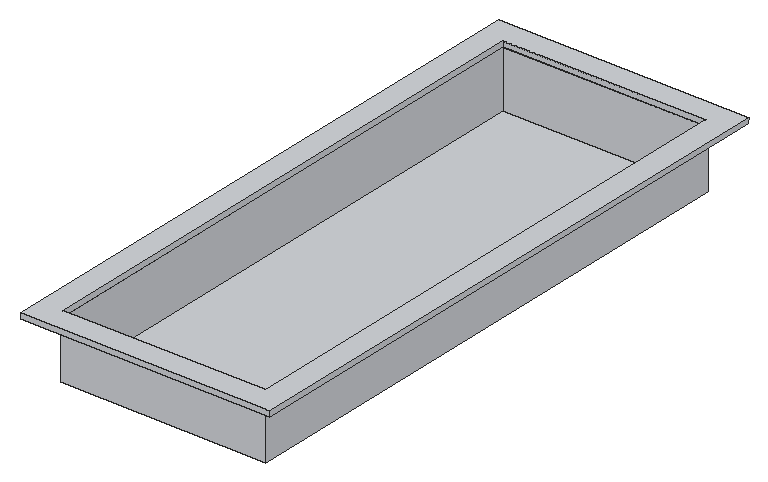
Revit family "Hager-VOLTA-Hollow_wall-Other-Without_Cover-Without_DIN-Hosted-PL-pl", category Electrical Equipment, host Face, Revit 2023
Family settings
  Host = Face
  Panel Configuration = Two Columns, Circuits Across
  Round Connector Dimension = Use Diameter
  Part Type = Panelboard
  Cut with Voids When Loaded = No
  Maintain Annotation Orientation = Yes
  Shared = No
  Room Calculation Point = No
Parameters (values of type "VOLTA-Hollow_wall_W348_H880_D98_12_Modular_Spacing-VH60NK")
  Width Control [instance] = if([HG000006-Flush mounted-pl], if([EF000846 - Szerokość wbudowania] > min_whd, [EF000846 - Szerokość wbudowania], min_whd), if([EF000008 - Szerokość] > min_whd, ([EF000008 - Szerokość]), min_whd))  # 314 mm
  Void Depth [instance] = if([HG000006-Flush mounted-pl], Depth Control, 1 mm)  # 90 mm
  Uniformat code = "D501001"
  Uniformat = "Low Tension Service & Dist."
  HGEF0002950-Szerokość wyrażona liczbą modułów = 12
  HGEF000266-Liczba rzędów = 5
  HG000131 - Functional label [instance] = ""
  HG000130 - Functional name [instance] = ""
  Type Comments = ""
  System Height [instance] = Height Control - 2 * [HG000005-Thickness-pl]  # 842 mm
  Reference description = ""
  Reference = "VOLTA-Hollow_wall_W348_H880_D98_12_Modular_Spacing-VH60NK"
  Object type = ""
  Name hager = "ADD_Enclosures_EC000214"
  Name BIM&CO = "Electricity"
  Name = "VOLTA-Hollow_wall-Other-Without_Cover-Without_DIN-PL"
  Model = ""
  HG000099-Onfly Template ID-pl-PL = "507532"
  HG000060-RAL-number = "9010"
  HG000059-Operating voltage-pl-PL [instance] = 230 V
  HG000017-Distance between poles-pl = 18 mm
  HG000016-Door 3D visibility-pl = yes
  HG000015-Clearance visibility-pl = yes
  HG000014-Door on the right-pl = yes
  HG000013-Door on the left-pl = no
  HG000012-Door swing angle-pl = 90.00°
  HG000011-Empty rows from bottom-pl = no
  HG000010-Asymmetric doors-pl = no
  HG000009-Double swing door-pl = no
  HG000008-Number of empty rows-pl = 0
  HG000007-Number of empty columns-pl = 0
  HG000006-Flush mounted-pl = yes
  HG000005-Thickness-pl = 2 mm
  HG000004-Manufacturer reference-pl = "VH60NK"
  HG000003-Range-pl = "VOLTA"
  HG000002-with door or cover-pl = no
  HG000001-Number of columns-pl = 0
  GTIN (Global Trade Item Number) = ""
  ETIM class name = "Small distribution board"
  ETIM class code = "EC000214"
  EF015941 - Drzwi przepuszczające sygnał = no
  EF015777 - Listwa zaciskowa przewodu neutralnego = no
  EF015776 - Listwa zaciskowa uziemienia = no
  EF009212 - Wykonanie/rodzaj pokrywy = ""
  EF006306 - Z zamkiem = no
  EF006244 - Transparentna pokrywa/drzwi = no
  EF005474 - Stopień ochrony (IP) = "Inne"
  EF004464 - Rodzaj drzwi = ""
  EF004462 - Rodzaj zamknięcia = "Inne"
  EF002950 - Szerokość wyrażona liczbą modułów = 12
  EF001596 - Materiał obudowy = ""
  EF001134 - Szyna DIN = no
  EF001131 - Głębokość wewnętrzna = 0 mm
  EF001088 - Możliwość rozbudowy = yes
  EF001062 - Wykonanie zgodne z Dyrektywą Kompatybilności Elektromagnetycznej EMC = no
  EF000846 - Szerokość wbudowania = 314 mm
  EF000339 - Rodzaj pokrywy = ""
  EF000332 - Wysokość wbudowania = 846 mm
  EF000266 - Liczba rzędów = 5
  EF000218 - Głębokość wbudowania = 90 mm
  EF000118 - Z płytą montażową = no
  EF000116 - Numer RAL = 9010
  EF000049 - Głębokość = 98 mm
  EF000040 - Wysokość = 880 mm
  EF000024 - Odporność na promieniowanie UV = no
  EF000008 - Szerokość = 348 mm
  EF000007 - Kolor = "Biały"
  EF000003 - Sposób montażu = "Do ścian pustych"
  Creation Date = "12/15/2025 21:47:46"
  Code hager = "ADD-EC000214_EU"
  BIM&CO code = ""
  BC_VARIANT_ID = "1174402"
  BC_OBJECT_VERSION = "#5"  # constant formula
  BC_OBJECT_ID = "513500"  # constant formula
  BC_MODEL_ID = "1547255"  # constant formula
  Arrow Offset [instance] = Depth Control / 8  # 11.25 mm
  Arrow Height [instance] = Depth Control - Arrow Offset  # 78.75 mm
  Host Offset [instance] = if([HG000006-Flush mounted-pl], 0 mm, [EF000049 - Głębokość])  # 0 mm
  min_whd [instance] = (2 * [HG000005-Thickness-pl]) + 1 mm  # 5 mm
  Manufacturer = "Hager"  # constant formula
  Height Control [instance] = if([HG000006-Flush mounted-pl], if([EF000332 - Wysokość wbudowania] > min_whd, [EF000332 - Wysokość wbudowania], min_whd), if([EF000040 - Wysokość] > min_whd, ([EF000040 - Wysokość]), min_whd))  # 846 mm
  Flush Mounted - Door Frame Width [instance] = if(([EF000040 - Wysokość] - [EF000332 - Wysokość wbudowania]) > 0 mm, if([HG000006-Flush mounted-pl], [EF000040 - Wysokość] - [EF000332 - Wysokość wbudowania], 0 mm), 0 mm)  # 34 mm
  Depth Control [instance] = if([HG000006-Flush mounted-pl], if([EF000218 - Głębokość wbudowania] > 0 mm, [EF000218 - Głębokość wbudowania], 1 mm), if([EF000049 - Głębokość] > 0 mm, ([EF000049 - Głębokość]), 1 mm))  # 90 mm
  Default Elevation = 0 mm
Types (5, lengths in mm): name | HGEF000266-Liczba rzędów | System Height | Reference | HG000004-Manufacturer reference-pl | EF009212 - Wykonanie/rodzaj pokrywy | EF004462 - Rodzaj zamknięcia | EF001062 - Wykonanie zgodne z Dyrektywą Kompatybilności Elektromagnetycznej EMC | EF000332 - Wysokość wbudowania | EF000266 - Liczba rzędów | EF000049 - Głębokość | EF000040 - Wysokość | EF000008 - Szerokość | BC_VARIANT_ID | Height Control | Flush Mounted - Door Frame Width
  VOLTA-Hollow_wall_W330_H355_D94_12_Modular_Spacing-VH12NK | 1 | 342 | "VOLTA-Hollow_wall_W330_H355_D94_12_Modular_Spacing-VH12NK" | "VH12NK" | "Zamknięty" | "" | yes | 346 | 1 | 94 | 355 | 330 | "1174398" | 346 | 9
  VOLTA-Hollow_wall_W348_H505_D98_12_Modular_Spacing-VH24NK | 2 | 467 | "VOLTA-Hollow_wall_W348_H505_D98_12_Modular_Spacing-VH24NK" | "VH24NK" | "" | "Inne" | no | 471 | 2 | 98 | 505 | 348 | "1174399" | 471 | 34
  VOLTA-Hollow_wall_W348_H630_D98_12_Modular_Spacing-VH36NK | 3 | 592 | "VOLTA-Hollow_wall_W348_H630_D98_12_Modular_Spacing-VH36NK" | "VH36NK" | "" | "Inne" | no | 596 | 3 | 98 | 630 | 348 | "1174400" | 596 | 34
  VOLTA-Hollow_wall_W348_H755_D98_12_Modular_Spacing-VH48NK | 4 | 717 | "VOLTA-Hollow_wall_W348_H755_D98_12_Modular_Spacing-VH48NK" | "VH48NK" | "" | "Inne" | no | 721 | 4 | 98 | 755 | 348 | "1174401" | 721 | 34
  VOLTA-Hollow_wall_W348_H880_D98_12_Modular_Spacing-VH60NK | 5 | 842 | "VOLTA-Hollow_wall_W348_H880_D98_12_Modular_Spacing-VH60NK" | "VH60NK" | "" | "Inne" | no | 846 | 5 | 98 | 880 | 348 | "1174402" | 846 | 34
Reference planes
  plane 1 "Center (Front/Back)": y = 0
  plane 2: z = 0
  plane 3 "Center (Left/Right)": x = 0
  plane 4: z = 0
  plane 5: y = 36
  plane 6: z = -5
  plane 7: y = 457
  plane 8: y = 34
  plane 9: y = 880
  plane 10: z = -90
  plane 11: x = -157
  plane 12: x = 157
  plane 13: x = 155
  plane 14: x = -155
  plane 15: y = 878
  plane 16: z = -88
  plane 17: z = -2
  plane 18: z = -90
  plane 19: z = -2
  plane 20 "Annotation H": y = -100
  plane 21 "Annotation V": x = 457
Forms (mm)
  Extrusion 1, solid
    sketch origin (-583.045, 34, 1219.2) x (-1, 0, 0) y (0, 0, 1)
      loop
        line (-426.045, -1219.2) -> (-740.045, -1219.2) -> (-740.045, -1309.2) -> (-426.045, -1309.2) -> (-426.045, -1219.2)
    from 0 to 846 <- "Height Control"
  Extrusion 2, void
    sketch origin (-381.607, -4572, 0) x (0, -1, 0) y (-1, 0, 0)
      loop
        line (-5450, -226.607) -> (-5450, -536.607) -> (-4608, -536.607) -> (-4608, -226.607) -> (-5450, -226.607)
    from 0 to 88
  Extrusion 3, void
    sketch origin (0, 0, 0) x (1, 0, 0) y (0, 1, 0)
      loop
        line (-157, 34) -> (157, 34) -> (157, 880) -> (-157, 880) -> (-157, 34)
    from -90 to 1
  Extrusion 4, solid, detail levels coarse+medium
    sketch origin (-381.607, -4572, 0) x (-1, 0, 0) y (0, -1, 0)
      loop
        line (-226.607, -5450) -> (-226.607, -4608) -> (-536.607, -4608) -> (-536.607, -5450) -> (-226.607, -5450)
    from 0 to -2
Cuts and joins
  Extrusion 2 cuts Extrusion 1
Dimensions and locks
  plane 4 to plane 6 = 5 mm
  "Host Offset": plane 4 to host face
  "Flush Mounted - Door Frame Width": plane 1 "Center (Front/Back)" to plane 8
  "HG000005-Thickness-pl": plane 5 to plane 8
  locked: connector elem to plane 3 "Center (Left/Right)"
  "Height Control": plane 9 to plane 8
  equal spacing: plane 9, plane 7, plane 8
  locked: connector elem to plane 7
  "Depth Control": plane 4 to plane 10
  "HG000005-Thickness-pl": plane 11 to plane 14
  "HG000005-Thickness-pl": plane 12 to plane 13
  equal spacing: plane 11, plane 3 "Center (Left/Right)", plane 12
  "Width Control": plane 11 to plane 12
  "Arrow Offset": nested 4 to plane 10
  "HG000005-Thickness-pl": plane 9 to plane 15
  "HG000005-Thickness-pl": plane 16 to plane 10
  "HG000005-Thickness-pl": plane 4 to plane 17
  "Void Depth": plane 2 to plane 18
  "HG000005-Thickness-pl": plane 4 to plane 19
  locked: plane 20 "Annotation H" to plane 1 "Center (Front/Back)" at 100
  locked: plane 12 to plane 21 "Annotation V" at 300
  aligned and locked: plane 2 to host face
  aligned and locked: level to host face
  aligned and locked: plane 3 "Center (Left/Right)" to nested 2
  aligned and locked: plane 4 to nested 2
  aligned and locked: nested 2 to plane 8
  aligned and locked: nested 1 to plane 6
  aligned and locked: plane 5 to nested 1
  aligned and locked: nested 4 to plane 11
  aligned and locked: nested 3 to plane 4
  aligned and locked: Extrusion 1 sketch curve to plane 12
  aligned and locked: Extrusion 1 sketch curve to plane 11
  aligned and locked: nested 3 to plane 10
  aligned and locked: plane 10 to Extrusion 1 sketch curve
  aligned and locked: plane 5 to Extrusion 2 sketch curve
  aligned and locked: Extrusion 2 sketch curve to plane 15
  aligned and locked: Extrusion 2 sketch curve to plane 14
  aligned and locked: Extrusion 2 sketch curve to plane 13
  aligned and locked: plane 11 to Extrusion 3 sketch curve
  aligned and locked: plane 9 to Extrusion 3 sketch curve
  aligned and locked: Extrusion 3 sketch curve to plane 8
  aligned and locked: plane 12 to Extrusion 3 sketch curve
  aligned and locked: nested 3 to plane 12
  aligned and locked: Extrusion 3 to plane 18
  aligned and locked: Extrusion 2 to plane 16
  aligned and locked: Extrusion 1 sketch curve to plane 4
  aligned and locked: Extrusion 4 to plane 17
  aligned and locked: Extrusion 4 sketch curve to plane 15
  aligned and locked: Extrusion 4 sketch curve to plane 13
  aligned and locked: Extrusion 4 sketch curve to plane 14
  aligned and locked: plane 5 to Extrusion 4 sketch curve
  aligned and locked: nested 5 to plane 21 "Annotation V"
  aligned and locked: plane 20 "Annotation H" to nested 5
Automatic sketch dimensions
  host sketch curve to host sketch curve = 1469.727 mm
  host sketch curve to host sketch curve = 1434.803 mm
Nested families
  nested 1: "Hager_Enclosure_System" at (0, 36, -5) x (1, 0, 0) z (0, 1, 0), Height <- "System Height", Width_Control <- "Width Control", Built-in_Width <- "EF000846 - Szerokość wbudowania", Width <- "EF000008 - Szerokość", Depth <- "HG000005-Thickness-pl", Border <- "HG000005-Thickness-pl", Distance_Between_Poles <- "HG000017-Distance between poles-pl", Flush_Mounted <- "HG000006-Flush mounted-pl", Empty_Columns <- "HG000007-Number of empty columns-pl", Total_No_Empty_Rows <- "HG000008-Number of empty rows-pl", Empty_Rows_From_Bottom <- "HG000011-Empty rows from bottom-pl", Columns_Count <- "HG000001-Number of columns-pl", Rows_Count <- "HGEF000266-Liczba rzędów", Row_Module_Multiplicator <- "HGEF0002950-Szerokość wyrażona liczbą modułów", type "Hager_Enclosure_System", detail levels fine
    with Width_Control 314 mm, Width 348 mm, Total_No_Rows 5, Total_No_Empty_Rows 0, Total_No_Columns 1, System_Width 310 mm, Rows_Count 5, Rows_Column 5, Row_Module_Multiplicator 12, Panel_4 no, Panel_3 no, Panel_2 no, Panel_1 no, No_Panels_Ctrl 1, Hide_Columns yes, Height 842 mm, Flush_Mounted yes, Empty_Rows_From_Bottom no, Empty_Rows_Column 0, Empty_Columns 0, Empty column 4 0, Empty column 3 0, Empty column 2 0, Empty column 1 0, Distance_Between_Poles 18 mm, Depth 2 mm, Columns_Count 0, Column_Width 310 mm, Built-in_Width 314 mm, Border 2 mm
  nested 2: "Hager_Enclosure_Door" at (0, 34, 0) x (1, 0, 0) z (0, 1, 0), Height_Ctrl <- "Height Control", Width_Ctrl <- "Width Control", BuiltIn_Depth <- "EF000218 - Głębokość wbudowania", Depth <- "EF000049 - Głębokość", BuiltIn_Width <- "EF000846 - Szerokość wbudowania", Height <- "EF000040 - Wysokość", BuiltIn_Height <- "EF000332 - Wysokość wbudowania", Width <- "EF000008 - Szerokość", Transparent <- "EF006244 - Transparentna pokrywa/drzwi", Border <- "HG000005-Thickness-pl", Door <- "HG000002-with door or cover-pl", Flush_Mounted <- "HG000006-Flush mounted-pl", Double <- "HG000009-Double swing door-pl", Assymetrical <- "HG000010-Asymmetric doors-pl", Angle <- "HG000012-Door swing angle-pl", Door_Left <- "HG000013-Door on the left-pl", Door_Right <- "HG000014-Door on the right-pl", Clearance <- "HG000015-Clearance visibility-pl", 3d_Door <- "HG000016-Door 3D visibility-pl", type "Hager_Enclosure_Door", detail levels medium+fine
    with min_wh 5 mm, Width_Ctrl 314 mm, Width 348 mm, Transparent_Door_No_Bottom_Border no, Transparent no, Leaf_Width 307 mm, Leaf_Tolerance 1.5 mm, Leaf_Height 839 mm, Leaf_2_Width 307 mm, Leaf_2_Offset 153.5 mm, Leaf_1_Width 307 mm, Leaf_1_Offset 153.5 mm, Height_Ctrl 846 mm, Height 880 mm, Frame_Width_Ctrl 34 mm, Frame_Width 34 mm, Frame_Internal_Offset 2 mm, Frame_Height_Ctrl 34 mm, Frame_Height 34 mm, Frame_Depth_Ctrl 8 mm, Frame_Depth 8 mm, Flush_Mounted yes, Double_Clearance_Ctrl no, Double no, Door_Right_Ctrl no, Door_Right yes, Door_Left_Ctrl no, Door_Left no, Door no, Depth 98 mm, Clearance_Depth 307 mm, Clearance_Ctrl yes, Clearance yes, BuiltIn_Width 314 mm, BuiltIn_Height 846 mm, BuiltIn_Depth 90 mm, Border 2 mm, Assymetrical no, Angle 90.00°, 3d_Door yes
  nested 3: "Hager_Enclosure_Symbol_Triangle" at (-157, 0, -90) x (1, 0, 0) z (0, -1, 0), Depth <- "Depth Control", Width <- "Width Control", type "Hager_Enclosure_Symbol_Triangle"
    with Width_Ctrl 314 mm, Width 314 mm, Depth_Ctrl 90 mm, Depth 90 mm
  nested 4: "Hager_Enclosure_Symbol_Arrow" at (-157, 0, -78.75) x (1, 0, 0) z (0, -1, 0), Height <- "Arrow Height", type "Hager_Enclosure_Symbol_Arrow"
    with Width_Inside 5.906 mm, Width 70.875 mm, Height_Ctrl 78.75 mm, Height 78.75 mm
  nested 5: "Hager_Annotation-HG000130" at (457, -100, 0) x (-1, 0, 0) z (0, 0, 1), HG000130 - Functional name <- "HG000130 - Functional name", type "Hager_Annotation-HG000130"
    with HG000130 - Functional name ""
Connectors
  electrical at (0, 457, -90)
    settings: on plane 10, index 1, voltage 0 V, apparent load 0 VA, apparent load phase1 0 VA, apparent load phase2 0 VA, apparent load phase3 0 VA, power factor 1, load classification "Other", number of poles 1, system type 30, power factor state 1, is connector primary yes, connector utility no, sub classification motor no, connector description ""
Definition of nested family "Hager_Enclosure_Door"
  Parameters (values of type "Hager_Enclosure_Door")
    min_wh [instance] = (2 * Border) + 1 mm  # 11 mm
    Width_Ctrl [instance] = 400 mm
    Width [instance] = 500 mm
    Transparent_Door_No_Bottom_Border [instance] = no
    Transparent [instance] = yes
    Leaf_Width [instance] = if((Width_Ctrl - 2 * Border - 2 * Leaf_Tolerance) > 0 mm, (Width_Ctrl - 2 * Border - 2 * Leaf_Tolerance), min_wh)  # 387 mm
    Leaf_Tolerance [instance] = 1.5 mm  # constant formula
    Leaf_Height [instance] = if((Height_Ctrl - 2 * Border - 2 * Leaf_Tolerance) > 0 mm, (Height_Ctrl - 2 * Border - 2 * Leaf_Tolerance), min_wh)  # 387 mm
    Leaf_2_Width [instance] = if(and(and(Double, Assymetrical), Door_Left), (Leaf_Width / 3) - (Leaf_Tolerance / 2), if(and(and(Double, Assymetrical), Door_Right), (Leaf_Width / 3) * 2 - (Leaf_Tolerance / 2), if(and(Double, not(Assymetrical)), (Leaf_Width / 2) - Leaf_Tolerance, Leaf_Width)))  # 387 mm
    Leaf_2_Offset [instance] = if(and(Double, Assymetrical), Leaf_2_Width / 2, if(and(Double, not(Assymetrical)), Leaf_Width / 4, Leaf_Width / 2))  # 193.5 mm
    Leaf_1_Width [instance] = if(and(and(Double, Assymetrical), Door_Right), (Leaf_Width / 3) - (Leaf_Tolerance / 2), if(and(and(Double, Assymetrical), Door_Left), (Width / 3) * 2 - (Leaf_Tolerance / 2), if(and(Double, not(Assymetrical)), (Leaf_Width / 2) - Leaf_Tolerance, Leaf_Width)))  # 387 mm
    Leaf_1_Offset [instance] = if(and(Double, Assymetrical), Leaf_1_Width / 2, if(and(Double, not(Assymetrical)), Leaf_Width / 4, Leaf_Width / 2))  # 193.5 mm
    Height_Ctrl [instance] = 400 mm
    Height [instance] = 500 mm
    Frame_Width_Ctrl [instance] = if(Frame_Width > 0 mm, Frame_Width, 1 mm)  # 1 mm
    Frame_Width [instance] = Width - BuiltIn_Width  # 0 mm
    Frame_Internal_Offset [instance] = if(Flush_Mounted, Border, 0 mm)  # 5 mm
    Frame_Height_Ctrl [instance] = if(Frame_Height > 0 mm, Frame_Height, 1 mm)  # 1 mm
    Frame_Height [instance] = Height - BuiltIn_Height  # 0 mm
    Frame_Depth_Ctrl [instance] = if(Frame_Depth > 0 mm, Frame_Depth, 1 mm)  # 1 mm
    Frame_Depth [instance] = if(Depth - BuiltIn_Depth > 0 mm, if(Flush_Mounted, Depth - BuiltIn_Depth, 0 mm), 0 mm)  # 0 mm
    Flush_Mounted [instance] = yes
    Double_Clearance_Ctrl [instance] = and(Double, Clearance)  # no
    Double [instance] = no
    Door_Right_Ctrl [instance] = and(or(Door_Right, Double), Door)  # yes
    Door_Right [instance] = yes
    Door_Left_Ctrl [instance] = and(or(Door_Left, Double), Door)  # no
    Door_Left [instance] = no
    Door [instance] = yes
    Depth [instance] = 500 mm
    Default Elevation = 1219.2 mm
    Clearance_Material = none
    Clearance_Depth [instance] = if(Leaf_1_Width > Leaf_2_Width, Leaf_1_Width, Leaf_2_Width)  # 387 mm
    Clearance_Ctrl [instance] = and(not(Double), Clearance)  # yes
    Clearance [instance] = yes
    BuiltIn_Width [instance] = 500 mm
    BuiltIn_Height [instance] = 500 mm
    BuiltIn_Depth [instance] = 500 mm
    Border [instance] = 5 mm
    Assymetrical [instance] = yes
    Angle [instance] = 30.00°
    3d_Door [instance] = yes
  Reference planes
    plane 1 "Center (Front/Back)": y = 0
    plane 2 "Bottom": z = 0
    plane 3 "Center (Left/Right)": x = 0
    plane 4: z = 400
    plane 5: x = -200
    plane 6: x = 200
    plane 7: z = 395
    plane 8: x = -195
    plane 9: z = 5
    plane 10: x = 195
    plane 11: y = 0
    plane 12: z = 6.5
    plane 13: x = -582
    plane 14: y = -387
    plane 15: x = 582
    plane 16: x = 0
    plane 17: x = 0
    plane 18: x = -193.5
    plane 19: x = 193.5
    plane 20: z = 393.5
  Forms (mm)
    Extrusion 1, solid, visible <- "Flush_Mounted"
      sketch origin (0, 0, 0) x (1, 0, 0) y (0, 0, 1)
        loop
          line (195, 5) -> (195, 395) -> (-195, 395) -> (-195, 5) -> (195, 5)
        loop
          line (-201, 401) -> (-201, -1) -> (201, -1) -> (201, 401) -> (-201, 401)
      from 0 to 1 <- "Frame_Depth_Ctrl"
    Extrusion 2, solid, material <- "Clearance_Material", visible <- "Double_Clearance_Ctrl"
      sketch origin (1200, 0, 0) x (1, 0, 0) y (0, 0, -1)
        loop
          line (-1782, -393.5) -> (-618, -393.5) -> (-618, 0) -> (-1782, 0) -> (-1782, -393.5)
      from 0 to -387
  Dimensions and locks
    equal spacing: plane 5, plane 3 "Center (Left/Right)", plane 6
    "Width_Ctrl": plane 5 to plane 6
    "Border": plane 5 to plane 8
    "Border": plane 6 to plane 10
    "Border": plane 9 to level
    "Border": plane 4 to plane 7
    "Height_Ctrl": plane 4 to level
    "Leaf_Tolerance": plane 12 to plane 9
    "Frame_Depth": plane 11 to plane 1 "Center (Front/Back)"
    "Frame_Width_Ctrl": plane 5 to Extrusion 1 sketch curve
    "Frame_Width_Ctrl": plane 6 to Extrusion 1 sketch curve
    "Frame_Width_Ctrl": Extrusion 1 sketch curve to plane 4
    "Frame_Width_Ctrl": plane 2 "Bottom" to Extrusion 1 sketch curve
    "Leaf_1_Offset": plane 18 to plane 16
    "Leaf_2_Offset": plane 17 to plane 19
    "Leaf_1_Width": plane 13 to plane 8
    "Leaf_2_Width": plane 10 to plane 15
    "Clearance_Depth": plane 14 to plane 1 "Center (Front/Back)"
    "Leaf_Tolerance": plane 8 to plane 18
    "Leaf_Tolerance": plane 19 to plane 10
    "Leaf_Tolerance": plane 7 to plane 20
    "Frame_Internal_Offset": plane 5 to Extrusion 1 sketch curve
    "Frame_Internal_Offset": Extrusion 1 sketch curve to plane 2 "Bottom"
    "Frame_Internal_Offset": plane 6 to Extrusion 1 sketch curve
    "Frame_Internal_Offset": plane 4 to Extrusion 1 sketch curve
    aligned and locked: level to plane 2 "Bottom"
    aligned and locked: nested 1 to plane 16
    aligned and locked: nested 2 to plane 17
    aligned and locked: Extrusion 2 to plane 13
    aligned and locked: plane 15 to Extrusion 2
    aligned and locked: Extrusion 2 to plane 14
    aligned and locked: plane 12 to nested 1
    aligned and locked: nested 2 to plane 12
    aligned and locked: Extrusion 2 to plane 11
    aligned and locked: plane 20 to Extrusion 2
    aligned and locked: nested 2 to plane 11
    aligned and locked: nested 1 to plane 11
  Automatic sketch dimensions
    Extrusion 2 sketch curve to level = 0 mm
    plane 5 to Extrusion 2 sketch curve = 382 mm
    plane 6 to Extrusion 2 sketch curve = 382 mm
    Extrusion 2 sketch curve to plane 4 = 6.5 mm
  Nested families
    nested 1: "Hager_Enclosure_Door_Leaf" at (0, 0, 6.5), Width <- "Leaf_1_Width", visible <- "Door_Left_Ctrl", Leaf_Height <- "Leaf_Height", Angle <- "Angle", Depth <- "Border", 3d_Door <- "3d_Door", Transparent <- "Transparent", Clearance Material <- "Clearance_Material", Clearance <- "Clearance_Ctrl", Transparent_Door_No_Bottom_Border <- "Transparent_Door_No_Bottom_Border", type "Hager_Enclosure_Door_Leaf"
      with Width 387 mm, Transparent_Door_No_Bottom_Border no, Transparent_Door_Border_Bottom_Top 25 mm, Transparent_Door_Border 25 mm, Transparent_Ctrl yes, Transparent yes, Standard no, Leaf_Height 387 mm, Glass_Offset 1 mm, Depth 5 mm, Clearance Material none, Clearance yes, Angle_Ctrl 30.00°, Angle 30.00°, 3d_Door yes
    nested 2: "Hager_Enclosure_Door_Leaf" at (0, 0, 6.5) x (-1, 0, 0) z (0, 0, 1), Width <- "Leaf_2_Width", visible <- "Door_Right_Ctrl", Leaf_Height <- "Leaf_Height", Angle <- "Angle", Depth <- "Border", 3d_Door <- "3d_Door", Transparent <- "Transparent", Clearance Material <- "Clearance_Material", Clearance <- "Clearance_Ctrl", Transparent_Door_No_Bottom_Border <- "Transparent_Door_No_Bottom_Border", type "Hager_Enclosure_Door_Leaf"
      with Width 387 mm, Transparent_Door_No_Bottom_Border no, Transparent_Door_Border_Bottom_Top 25 mm, Transparent_Door_Border 25 mm, Transparent_Ctrl yes, Transparent yes, Standard no, Leaf_Height 387 mm, Glass_Offset 1 mm, Depth 5 mm, Clearance Material none, Clearance yes, Angle_Ctrl 30.00°, Angle 30.00°, 3d_Door yes
  Definition of nested family "Hager_Enclosure_Door_Leaf"
    Parameters (values of type "Hager_Enclosure_Door_Leaf")
      Width [instance] = 2000 mm
      Transparent_Door_No_Bottom_Border [instance] = yes
      Transparent_Door_Border_Bottom_Top [instance] = if(Transparent_Door_No_Bottom_Border, 0.1 mm, Transparent_Door_Border)  # 0.1 mm
      Transparent_Door_Border [instance] = if(Transparent_Door_No_Bottom_Border, (Width * 0.12), 25 mm)  # 240 mm
      Transparent_Ctrl [instance] = and(Transparent, [3d_Door])  # yes
      Transparent [instance] = yes
      Standard [instance] = and(not(Transparent), [3d_Door])  # no
      Leaf_Height [instance] = 2720.336 mm
      Glass_Offset [instance] = if((Depth - 10 mm) / 2 > 0 mm, (Depth - 10 mm) / 2, 1 mm)  # 15 mm
      Glass_Material = none
      Depth [instance] = 40 mm
      Default Elevation = 0 mm
      Clearance Material [instance] = none
      Clearance [instance] = yes
      Angle_Ctrl [instance] = if(Angle > 170.00°, 170.00°, Angle)  # 45.00°
      Angle [instance] = 45.00°
      3d_Door [instance] = yes
    Reference planes
      plane 1 "Center (Front/Back)": y = 0
      plane 2: z = 0
      plane 3 "Center (Left/Right)": x = 0
      plane 4: y = 2000
      plane 5: x = -1000
      plane 6: x = 1000
      plane 7: x = -3000
      plane 8: z = 2720.336
      plane 9: z = 0.1
      plane 10: z = 2720.236
      plane 11: x = 760
      plane 12: x = -760
    Forms (mm)
      Extrusion 1, solid, material <- "Clearance Material", visible <- "Clearance"
        sketch origin (0, 0, 0) x (1, 0, 0) y (0, 0, 1)
          loop
            line (-3000, 2720.336) -> (-3000, 0) -> (1000, 0) -> (1000, 2720.336) -> (-3000, 2720.336)
        from 0 to -2000
      Extrusion 2, solid, visible <- "Standard", detail levels medium+fine
        sketch origin (-1000, 0, 0) x (0.707107, 0.707107, 0) y (-0.707107, 0.707107, 0)
          loop
            line (0, -40) -> (2000, -40) -> (2000, 0) -> (0, 0) -> (0, -40)
        from 0 to 2720.336 <- "Leaf_Height"
      Extrusion 3, solid, visible <- "Transparent_Ctrl", detail levels medium+fine
        sketch origin (-1000, 0, 0) x (0.707107, 0.707107, 0) y (-0.707107, 0.707107, 0)
          loop
            line (0, -40) -> (2000, -40) -> (2000, 0) -> (0, 0) -> (0, -40)
        from 0 to 2720.336 <- "Leaf_Height"
      Extrusion 4, void, detail levels medium+fine
        sketch origin (-1000, 0, 0) x (-0.707107, 0.707107, 0) y (0.707107, 0.707107, 0)
          loop
            line (0, 240) -> (0, 1760) -> (-40, 1760) -> (-40, 240) -> (0, 240)
        from -2720.236 to -0.1
      Extrusion 5, solid, material <- "Glass_Material", visible <- "Transparent_Ctrl", detail levels medium+fine
        sketch origin (-1000, 0, 0) x (0.707107, 0.707107, 0) y (-0.707107, 0.707107, 0)
          loop
            line (240, -15) -> (240, -25) -> (1760, -25) -> (1760, -15) -> (240, -15)
        from 0.1 to 2720.236
    Cuts and joins
      Extrusion 4 cuts Extrusion 3
    Lines and regions (mm)
      symbolic lines
        curve 1: line (1000, 0, 0) -> (-3000, 0, 0)
        curve 2: arc (1000, 0, 0) -> (-1000, 2000, 0) -> (-3000, 0, 0) r 2000
        curve 4: line (-1000, 0, 0) -> (414.214, 1414.214, 0)
      reference lines
        curve 3: line (-1000, 0, 0) -> (414.214, 1414.214, 0)
      symbolic lines, detail levels medium+fine
        curve 5: line (414.214, 1414.214, 0) -> (442.498, 1385.929, 0)
        curve 6: line (442.498, 1385.929, 0) -> (-971.716, -28.284, 0)
        curve 7: line (-971.716, -28.284, 0) -> (-1000, 0, 0)
        curve 8: line (-1000, 0, 2720.336) -> (1000, 0, 2720.336)
        curve 9: line (-1000, 0, 0) -> (-1000, 0, 2720.336)
        curve 10: line (1000, 0, 0) -> (-1000, 0, 0)
        curve 11: line (1000, 0, 2720.336) -> (1000, 0, 0)
      symbolic lines, visible <- "Transparent_Ctrl", detail levels medium+fine
        curve 12: line (-760, 0, 2720.236) -> (760, 0, 2720.236)
        curve 13: line (-760, 0, 0.1) -> (-760, 0, 2720.236)
        curve 14: line (760, 0, 0.1) -> (-760, 0, 0.1)
        curve 15: line (760, 0, 2720.236) -> (760, 0, 0.1)
    Dimensions and locks
      "Width": plane 1 "Center (Front/Back)" to plane 4
      equal spacing: plane 5, plane 3 "Center (Left/Right)", plane 6
      "Width": plane 5 to plane 6
      "Width": plane 7 to plane 5
      "Leaf_Height": plane 8 to level
      "Depth": curve 6 to curve 3
      "Width": curve 5 to curve 3
      "Width": curve 3 to curve 3
      "Transparent_Door_Border": Extrusion 4 sketch curve to curve 7
      "Transparent_Door_Border": Extrusion 4 sketch curve to curve 5
      "Transparent_Door_Border_Bottom_Top": plane 8 to plane 10
      "Transparent_Door_Border_Bottom_Top": plane 9 to level
      "Glass_Offset": Extrusion 5 sketch curve to curve 4
      "Glass_Offset": Extrusion 5 sketch curve to curve 6
      "Transparent_Door_Border": Extrusion 5 sketch curve to curve 5
      "Transparent_Door_Border": Extrusion 5 sketch curve to curve 7
      "Transparent_Door_Border": plane 12 to plane 5
      "Transparent_Door_Border": plane 6 to plane 11
      "Angle_Ctrl": angle plane 1 "Center (Front/Back)" to curve 3
      aligned and locked: level to plane 2
      aligned and locked: Extrusion 1 to curve 1
      aligned and locked: plane 6 to Extrusion 1
      aligned and locked: Extrusion 1 to plane 1 "Center (Front/Back)"
      aligned and locked: plane 4 to Extrusion 1
      aligned and locked: plane 8 to Extrusion 1
      aligned and locked: curve 4 to curve 3
      aligned and locked: Extrusion 2 sketch curve to curve 7
      aligned and locked: Extrusion 2 sketch curve to curve 6
      aligned and locked: Extrusion 2 sketch curve to curve 5
      aligned and locked: Extrusion 2 sketch curve to curve 3
      aligned and locked: curve 7 to Extrusion 3 sketch curve
      aligned and locked: Extrusion 3 sketch curve to curve 4
      aligned and locked: Extrusion 3 sketch curve to curve 6
      aligned and locked: Extrusion 3 sketch curve to curve 5
      aligned and locked: curve 4 to Extrusion 4 sketch curve
      aligned and locked: curve 6 to Extrusion 4 sketch curve
      aligned and locked: Extrusion 4 to plane 9
      aligned and locked: Extrusion 4 to plane 10
      aligned and locked: Extrusion 5 to plane 9
      aligned and locked: Extrusion 5 to plane 10
      aligned and locked: curve 8 to plane 8
      aligned and locked: plane 5 to curve 9
      aligned and locked: plane 2 to curve 10
      aligned and locked: curve 11 to plane 6
      aligned and locked: plane 10 to curve 12
      aligned and locked: plane 12 to curve 13
      aligned and locked: curve 14 to plane 9
      aligned and locked: plane 11 to curve 15
    Automatic sketch dimensions
      plane 1 "Center (Front/Back)" to curve 2 = 0 mm
      curve 2 to plane 5 = 0 mm
      Extrusion 1 sketch curve to level = 0 mm
      Extrusion 1 sketch curve to plane 7 = 0 mm
      Extrusion 1 sketch curve to plane 6 = 0 mm
      Extrusion 1 sketch curve to plane 8 = 0 mm
      plane 1 "Center (Front/Back)" to curve 3 = 0 mm
      curve 3 to plane 5 = 0 mm
      curve 7 to curve 3 = 0 mm
Definition of nested family "Hager_Enclosure_Symbol_Triangle"
  Parameters (values of type "Hager_Enclosure_Symbol_Triangle")
    Width_Ctrl [instance] = if(Width > 1 mm, Width, 1 mm)  # 498 mm
    Width [instance] = 498 mm
    Depth_Ctrl [instance] = if(Depth > 1 mm, Depth, 1 mm)  # 72 mm
    Depth [instance] = 72 mm
  Reference planes
    plane 1 "Centre (avant/arrière)": y = 0
    plane 2: z = 0
    plane 3 "Centre (gauche/droite)": x = 0
  Lines and regions (mm)
    Filled region 1, type "Solid_Black", in view "Niveau de réf."
      outline origin (0, 0, 0) x (1, 0, 0) y (0, 1, 0)
        loop
          line (0, 0) -> (498, 0) -> (498, 72) -> (0, 0)
    reference lines, in view "Niveau de réf."
      curve 1: line (-206.153, 72, 0) -> (1083.258, 72, 0)
      curve 2: line (498, 405.456, 0) -> (498, -517.619, 0)
  Dimensions and locks
    "Depth_Ctrl": plane 1 "Centre (avant/arrière)" to curve 1
    "Width_Ctrl": plane 3 "Centre (gauche/droite)" to curve 2
    aligned and locked: curve 1 to Filled region 1 sketch curve
    aligned and locked: Filled region 1 sketch curve to plane 1 "Centre (avant/arrière)"
    aligned and locked: curve 2 to Filled region 1 sketch curve
    aligned and locked: plane 3 "Centre (gauche/droite)" to Filled region 1 sketch curve
    aligned and locked: plane 1 "Centre (avant/arrière)" to Filled region 1 sketch curve
  Automatic sketch dimensions
    curve 1 to plane 3 "Centre (gauche/droite)" = 206.153 mm
    curve 2 to curve 1 = 585.258 mm
    plane 1 "Centre (avant/arrière)" to curve 2 = 517.619 mm
    curve 2 to plane 1 "Centre (avant/arrière)" = 405.456 mm
Definition of nested family "Hager_Enclosure_Symbol_Arrow"
  Parameters (values of type "Hager_Enclosure_Symbol_Arrow")
    Width_Inside [instance] = if(Width / 12 > 2 mm, Width / 12, 2 mm)  # 4.987 mm
    Width [instance] = if(Height_Ctrl * 0.9 > 2 mm, Height_Ctrl * 0.9, 2 mm)  # 59.85 mm
    Height_Ctrl [instance] = if(Height > 2 mm, Height, 2 mm)  # 66.5 mm
    Height [instance] = 66.5 mm
  Reference planes
    plane 1 "Centre (avant/arrière)": y = 0
    plane 2: z = 0
    plane 3 "Centre (gauche/droite)": x = 0
    plane 4: x = 59.85
    plane 5: y = 28.263
    plane 6: y = 38.238
    plane 7: y = 66.5
    plane 8: x = 29.925
    plane 9: y = 33.25
  Lines and regions (mm)
    Filled region 1, type "Solid_Black", in view "Niveau de réf."
      outline origin (0, 0, 0) x (1, 0, 0) y (0, 1, 0)
        loop
          line (59.85, 66.5) -> (37.929, 52.827) -> (51.846, 41.935) -> (59.85, 66.5)
    detail lines, in view "Niveau de réf."
      curve 1: line (0, 0, 0) -> (29.925, 38.238, 0)
      curve 2: line (29.925, 38.238, 0) -> (29.925, 28.263, 0)
      curve 3: line (29.925, 28.263, 0) -> (59.85, 66.5, 0)
  Dimensions and locks
    "Width": plane 3 "Centre (gauche/droite)" to plane 4
    "Height_Ctrl": plane 7 to plane 1 "Centre (avant/arrière)"
    equal spacing: plane 3 "Centre (gauche/droite)", plane 8, plane 4
    equal spacing: plane 7, plane 9, plane 1 "Centre (avant/arrière)"
    equal spacing: plane 6, plane 9, plane 5
    "Width_Inside": plane 6 to plane 9
    equal spacing: curve 3, Filled region 1 sketch curve, Filled region 1 sketch curve
    angle Filled region 1 sketch curve to curve 3 = 20.00°
    angle curve 3 to Filled region 1 sketch curve = 20.00°
    locked: curve 3 to Filled region 1 sketch curve (angle 90.00°)
  Automatic sketch dimensions
    plane 1 "Centre (avant/arrière)" to curve 1 = 0 mm
    curve 1 to plane 3 "Centre (gauche/droite)" = 0 mm
    curve 2 to plane 6 = 0 mm
    curve 3 to plane 8 = 0 mm
    curve 3 to plane 4 = 0 mm
    curve 2 to plane 5 = 0 mm
    curve 3 to plane 7 = 0 mm
    Filled region 1 sketch curve to plane 4 = 0 mm
    Filled region 1 sketch curve to plane 7 = 0 mm
Definition of nested family "Hager_Annotation-HG000130"
  Parameters (values of type "Hager_Annotation-HG000130")
    HG000130 - Functional name [instance] = ""
  Reference planes
    plane 1: y = 0
    plane 2: x = 0
  Lines and regions (mm)
    detail lines
      curve 1: line (-27.5, 10, 0) -> (27.5, 10, 0)
      curve 2: line (-27.5, -10, 0) -> (-27.5, 10, 0)
      curve 3: line (27.5, -10, 0) -> (-27.5, -10, 0)
      curve 4: line (27.5, 10, 0) -> (27.5, -10, 0)
  Text (mm)
    label "HG000130 - Functional name" at (0.16, 0.026, 0), shows "HG000130 - Functional name"
